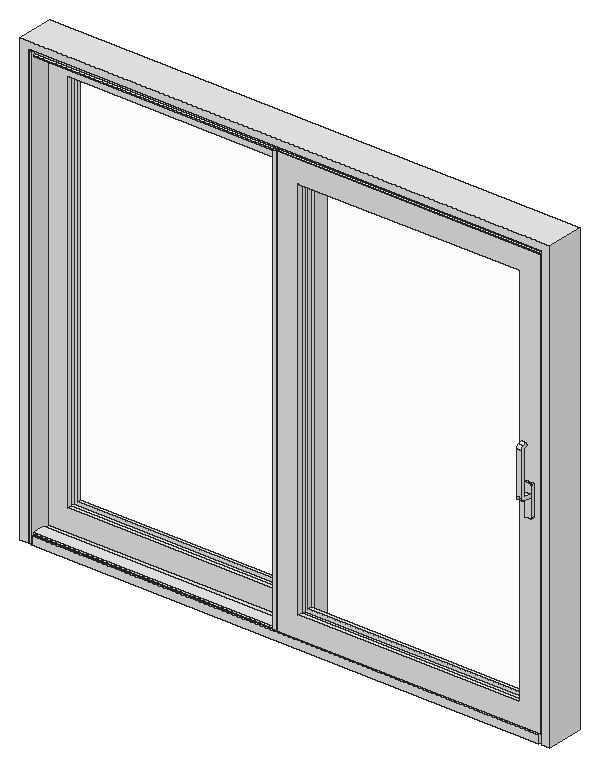
Revit family "heroal S 77 Sliding Door - 2-Parts - A", category Türen, Revit 2017
Family settings
  Basisbauteil = Wand
  OmniClass-Nummer = 23.30.10.00
  OmniClass-Titel = Doors
  Immer vertikal = Ja
  Beim Laden mit Abzugskörper schneiden = Nein
  Gemeinsam genutzt = Nein
  Raumberechnungspunkt = Ja
Parameters (values of type "2600x2200")
  Wind Load Resistance DIN EN 12210 = "C3/B3"
  Wall Thickness [instance] = 350 mm
  URL = "http://www.heroal.com"
  Tightness Against Driving Rain DIN EN 12208 = "9A"
  Soundproofing Class DIN EN ISO 717-1 = "1-3"
  Show Insulation in Detail Level Fine [instance] = yes
  Rough Width = Breite  # 2600 mm
  Rough Height = Height  # 2200 mm
  Reveal Top = 20 mm
  Reveal Right = 20 mm
  Reveal Left = 20 mm
  Profile View Width - Frame Profiles = "40 - 63mm"
  Profile View Width - Cross Bar Profiles = "74 - 104mm"
  Profile View Width - Casement Profiles = "94 - 104mm"
  Profile Installation Depth - Frame Profiles = "178/279mm"
  Profile Installation Depth - Cross Bar Profiles = "72mm"
  Profile Installation Depth - Casement Profiles = "77mm"
  Profile Area [instance] = (Breite - 20 mm) * (Height - 10 mm) - Glazing Area  # 1.58884 m²
  Modell = "heroal S 77"  # constant formula
  Max. Thickness Of Glass/Infill Panel = "52mm"
  Max. Casement Weight = "150 - 400kg"
  Max. Casement Leaf Height = "3000mm"
  Hersteller = "heroal"  # constant formula
  Leaf Width = Breite / 2  # 1300 mm
  Insert Depth [instance] = 125 mm
  Height = 2200 mm
  Wandabschluss = Nach Basisbauteil
  Breite = 2600 mm
  Heat Insulation [Uw in W/m2K] DIN EN ISO 10077-1 = "> 1,1 W/m²K"
  Heat Insulation [Uf in W/m2K]/Standard Profile View DIN EN ISO 10077 = "> 2,9 W/m²K"
  Heat Insulation [Uf in W/m2K] DIN EN ISO 10077 = "> 2,9 W/m²K"
  Glazing Area [instance] = (Breite - 442 mm) * (Height - 318 mm)  # 4.06136 m²
  Glass = heroal Glass
  Edition number = 1
  Door Interior [instance] = heroal Aluminium
  Door Exterior [instance] = heroal Aluminium
  Beschreibung = "heroal S 77 Sliding Systems"  # constant formula
  Copyright = "© heroal. Technical changes reserved."  # constant formula
  Clearance Width [instance] = Breite / 2 - 127 mm  # 1173 mm
  Clearance Height [instance] = Height - 125 mm  # 2075 mm
  Calculated U-Value (W/m²K) [instance] = ((Profile Area / 1.00 m² * 2.18 m²) + (Glazing Area / 1.00 m² * 0.70 m²) + (11.84 m² * 0.04)) / (Profile Area + Glazing Area)  # 1.2
  Burglary Resistance DIN V ENV 1627 = "up to RC 2"
  Baugruppenkennzeichen = "B2030110"
  Analytische Konstruktion = "<None>"
  Air Permeability DIN EN 12207 = "4"
Reference planes
  plane 1 "Center (Front/Back)": y = 0
  plane 2 "Center (Left/Right)": x = 0
  plane 3 "Left": x = -1300
  plane 4 "Right": x = 1300
  plane 5 "Sill": z = 0
  plane 6 "Head": z = 2200
  plane 7 "Exterior": y = 175
  plane 8 "Interior": y = -175
  plane 9: x = -1280
  plane 10: x = 1280
  plane 11 "Frame Exterior": y = 50
  plane 12: z = 2180
  plane 13 "Center (Elevation)": z = 1100
  plane 14 "Top Frame": z = 2190
  plane 15: z = -200
  plane 16: x = -1141
  plane 17 "Glass 1": x = -1159
  plane 18 "Glass 2": x = -44
  plane 19: x = -62
  plane 20: x = 62
  plane 21 "Glass 3": x = 44
  plane 22: x = 1141
  plane 23 "Glass 4": x = 1159
  plane 24 "Glass Back 1": y = 35.5
  plane 25 "Glass Front 1": y = -4.5
  plane 26 "Glass Back 2": y = -65.5
  plane 27 "Glass Front 2": y = -105.5
  plane 28 "Glass Bottom": z = 130
  plane 29 "Glass Top": z = 2048
  plane 30 "Door Right": y = -51
  plane 31: x = 1235
  plane 32: x = -1235
  plane 33: x = 601.5
  plane 34 "Handle": x = 1193.5
  plane 35 "Handlle Edge": y = -128
  plane 36: z = 1050
  plane 37: x = -601.5
  plane 38: x = -1290
  plane 39: x = 1290
Forms (mm)
  Extrusion 1, void
    sketch origin (0, 0, 0) x (1, 0, 0) y (0, 1, 0)
      loop
        line (-1300, -675) -> (1300, -675) -> (1300, 50) -> (-1300, 50) -> (-1300, -675)
    from -200 to 2200
  Extrusion 2, void
    sketch origin (0, 0, 0) x (1, 0, 0) y (0, 1, 0)
      loop
        line (-1280, 675) -> (-1280, 50) -> (1280, 50) -> (1280, 675) -> (-1280, 675)
    from 0 to 2180
  Sweep 3, solid, material "heroal Aluminium" <- "Door Interior"
    path origin (0, 50, 0) x (-1, 0, 0) y (0, 0, 1)
      loop
        line (-1300, 0) -> (-1300, 2190)
    profile "heroal_Profile_Frame : heroal_Profile_Frame" origin (1300, 50, 1095) x (1, 0, 0) y (0, 1, 0)
      loop
        line (-10, 0) -> (-50, 0) -> (-50, -178) -> (-10, -178) -> (-10, 0)
  Sweep 4, solid, material "heroal Aluminium"
    path origin (0, 0, 0) x (0, -1, 0) y (1, 0, 0)
      loop
        line (-50, -1235) -> (-50, 1235)
    profile "heroal_Profile_Bottom : heroal_Profile_Bottom" origin (0, 50, 0) x (0, 1, 0) y (0, 0, 1)
      loop
        line (0, 32.99) -> (-95, 38.8) -> (-109.002, 38.8) -> (-109.002, 44.004) -> (-111.912, 52) -> (-167.088, 52) -> (-169.955, 44.124) -> (-169.955, 39) -> (-178, 39) -> (-178, 0) -> (0, 0) -> (0, 32.99)
  Sweep 5, solid, material "heroal Aluminium" <- "Door Interior"
    path origin (0, 50, 0) x (-1, 0, 0) y (0, 0, 1)
      loop
        line (1300, 2150) -> (1300, 0)
    profile "heroal_Profile_Sided_Cover : heroal_Profile_Sided_Cover" origin (-1300, 50, 1075) x (-1, 0, 0) y (0, 1, 0)
      loop
        line (-65, -81) -> (-65, -178) -> (-50, -178) -> (-50, -81) -> (-65, -81)
  Sweep 6, solid, material "heroal Aluminium" <- "Door Interior"
    path origin (0, 50, 0) x (1, 0, 0) y (0, 0, 1)
      loop
        line (1300, 2150) -> (1300, 0)
    profile "heroal_Profile_Sided_Cover : heroal_Profile_Sided_Cover" origin (1300, 50, 1075) x (-1, 0, 0) y (0, 1, 0)
      loop
        line (65, 0) -> (50, 0) -> (50, -97) -> (65, -97) -> (65, 0)
  Sweep 7, solid, material "heroal Aluminium" <- "Door Exterior"
    path origin (0, 50, 0) x (-1, 0, 0) y (0, 0, 1)
      loop
        line (-1235, 2200) -> (-62, 2200)
    profile "heroal_Profile_Top_Cover : heroal_Profile_Top_Cover" origin (648.5, 50, 2200) x (0, 0, 1) y (0, 1, 0)
      loop
        line (-61, 0) -> (-109, 0) -> (-109, -95.1) -> (-50, -95.1) -> (-50, -15.3) -> (-61, -15.3) -> (-61, 0)
  Sweep 8, solid, material "heroal Aluminium" <- "Door Interior"
    path origin (0, 50, 0) x (1, 0, 0) y (0, 0, 1)
      loop
        line (-1300, 0) -> (-1300, 2190)
    profile "heroal_Profile_Frame : heroal_Profile_Frame" origin (-1300, 50, 1095) x (1, 0, 0) y (0, 1, 0)
      loop
        line (10, 0) -> (10, -178) -> (50, -178) -> (50, 0) -> (10, 0)
  Sweep 9, solid, material "heroal Aluminium" <- "Door Interior"
    path origin (0, 50, 0) x (-1, 0, 0) y (0, 0, 1)
      loop
        line (-1290, 2200) -> (1290, 2200)
    profile "heroal_Profile_Frame_Top : heroal_Profile_Frame_Top" origin (0, 50, 2200) x (0, 0, 1) y (0, 1, 0)
      loop
        line (-10, -178) -> (-10, 0) -> (-45, 0) -> (-45, -15.3) -> (-64.279, -15.3) -> (-68.168, -8.564) -> (-73, -7.712) -> (-73, -54) -> (-43.2, -54) -> (-43.2, -52.5) -> (-42, -52.5) -> (-37, -55.387) -> (-37, -122.613) -> (-42, -125.5) -> (-43.2, -125.5) -> (-43.2, -123.999) -> (-73, -124) -> (-73, -170.288) -> (-68.168, -169.436) -> (-64.279, -162.7) -> (-45, -162.7) -> (-45, -178) -> (-10, -178)
Cuts and joins
  joined: Sweep 3, Sweep 8, Sweep 9
Lines and regions (mm)
  Masking region 1
    outline origin (0, 0, 0) x (0, -1, 0) y (1, 0, 0)
      loop
        line (-35.5, -1159) -> (4.5, -1159) -> (4.5, -44) -> (-35.5, -44) -> (-35.5, -1159)
      loop
        line (65.5, 44) -> (105.5, 44) -> (105.5, 1159) -> (65.5, 1159) -> (65.5, 44)
  Masking region 2
    outline origin (0, 0, 0) x (0, -1, 0) y (1, 0, 0)
      loop
        line (-50, 62) -> (51, 62) -> (51, 1235) -> (-50, 1235) -> (-50, 62)
      loop
        line (27, -1235) -> (128, -1235) -> (128, -62) -> (27, -62) -> (27, -1235)
  symbolic lines, detail levels medium+fine
    curve 1: line (44, -85.5, 0) -> (1159, -85.5, 0)
    curve 2: line (-44, 15.5, 0) -> (-1159, 15.5, 0)
  symbolic lines
    curve 3: line (60, -128, 0) -> (1143, -128, 0)
    curve 4: line (-62, 50, 0) -> (-1141, 50, 0)
Text (mm)
  text "EXTERIOR" at (-1963.203, 1332.353, 0), in view "Ref. Level"
  text "INTERIOR" at (-1981.466, -818.386, 0), in view "Ref. Level"
  text "Exterior" at (0, 923.751, 2943.296), in view "Right"
  text "Exterior" at (0, 1040.484, 2685.409), in view "Left"
Dimensions and locks
  equal spacing: plane 3 "Left", plane 2 "Center (Left/Right)", plane 4 "Right"
  "Breite": plane 3 "Left" to plane 4 "Right"
  "Height": plane 5 "Sill" to plane 6 "Head"
  locked: plane 7 "Exterior" to host wall at 0
  locked: plane 8 "Interior" to host wall
  "Insert Depth": plane 11 "Frame Exterior" to plane 7 "Exterior"
  "Reveal Top": plane 12 to plane 6 "Head"
  Extrusion 1 sketch curve to plane 8 "Interior" = 500 mm
  locked: plane 7 "Exterior" to Extrusion 2 sketch curve at 500
  "Reveal Left": plane 3 "Left" to plane 9
  "Reveal Right": plane 10 to plane 4 "Right"
  locked: plane 14 "Top Frame" to plane 6 "Head" at 10
  equal spacing: plane 5 "Sill", plane 13 "Center (Elevation)", plane 6 "Head"
  "Wall Thickness": host wall to host wall
  plane 15 to plane 5 "Sill" = 200 mm
  plane 22 to plane 23 "Glass 4" to plane 4 "Right" = 18 mm locked, 141 mm locked
  plane 19 to plane 18 "Glass 2" to plane 2 "Center (Left/Right)" to plane 21 "Glass 3" to plane 20 = 18 mm locked, 44 mm locked, 44 mm locked, 18 mm locked
  plane 3 "Left" to plane 17 "Glass 1" to plane 16 = 141 mm locked, 18 mm locked
  plane 11 "Frame Exterior" to plane 24 "Glass Back 1" to plane 25 "Glass Front 1" to plane 26 "Glass Back 2" to plane 27 "Glass Front 2" to plane 35 "Handlle Edge" = 14.5 mm locked, 40 mm locked, 61 mm locked, 40 mm locked, 22.5 mm locked
  locked: plane 24 "Glass Back 1" to curve 2 at 20
  plane 30 "Door Right" to plane 26 "Glass Back 2" to curve 1 = 14.5 mm locked, 20 mm locked
  locked: plane 29 "Glass Top" to plane 6 "Head" at 152
  locked: plane 3 "Left" to plane 32 at 65
  locked: plane 31 to plane 4 "Right" at 65
  plane 29 "Glass Top" to plane 28 "Glass Bottom" = 1918 mm
  locked: nested 5 to plane 35 "Handlle Edge" at 100
  plane 5 "Sill" to plane 28 "Glass Bottom" = 130 mm
  locked: plane 34 "Handle" to plane 4 "Right" at 106.5
  locked: plane 36 to plane 5 "Sill" at 1050
  equal spacing: plane 17 "Glass 1", plane 37, plane 18 "Glass 2"
  equal spacing: plane 21 "Glass 3", plane 33, plane 23 "Glass 4"
  locked: plane 3 "Left" to plane 38 at 10
  locked: plane 39 to plane 4 "Right" at 10
  aligned and locked: Extrusion 1 sketch curve to plane 3 "Left"
  aligned and locked: plane 4 "Right" to Extrusion 1 sketch curve
  aligned and locked: Extrusion 1 sketch curve to plane 11 "Frame Exterior"
  aligned: Extrusion 1 to plane 12
  aligned and locked: plane 11 "Frame Exterior" to Extrusion 2 sketch curve
  aligned and locked: plane 9 to Extrusion 2 sketch curve
  aligned and locked: Extrusion 2 sketch curve to plane 10
  aligned and locked: Extrusion 2 to plane 12
  aligned and locked: plane 5 "Sill" to Extrusion 2
  aligned and locked: Extrusion 1 to plane 6 "Head"
  aligned and locked: nested 1 to plane 11 "Frame Exterior"
  aligned and locked: nested 1 to plane 3 "Left"
  aligned and locked: plane 4 "Right" to Sweep 3 sketch curve
  aligned and locked: plane 4 "Right" to nested 2
  aligned and locked: plane 11 "Frame Exterior" to nested 2
  aligned and locked: plane 11 "Frame Exterior" to nested 3
  aligned and locked: plane 2 "Center (Left/Right)" to nested 3
  aligned and locked: Masking region 1 sketch curve to plane 24 "Glass Back 1"
  aligned and locked: Masking region 1 sketch curve to plane 25 "Glass Front 1"
  aligned and locked: plane 27 "Glass Front 2" to Masking region 1 sketch curve
  aligned and locked: Masking region 1 sketch curve to plane 26 "Glass Back 2"
  aligned and locked: plane 11 "Frame Exterior" to Sweep 4 sketch curve
  aligned and locked: plane 32 to Sweep 4 sketch curve
  aligned and locked: plane 31 to Sweep 4 sketch curve
  aligned and locked: nested 4 to plane 33
  aligned and locked: plane 13 "Center (Elevation)" to nested 4
  aligned and locked: nested 5 to plane 33
  aligned and locked: plane 5 "Sill" to Sweep 5 sketch curve
  aligned and locked: plane 3 "Left" to Sweep 5 sketch curve
  aligned and locked: plane 20 to Masking region 2 sketch curve
  aligned and locked: Masking region 2 sketch curve to plane 31
  aligned and locked: plane 30 "Door Right" to Masking region 2 sketch curve
  aligned and locked: Masking region 2 sketch curve to plane 11 "Frame Exterior"
  aligned and locked: plane 32 to Masking region 2 sketch curve
  aligned and locked: Masking region 2 sketch curve to plane 19
  aligned and locked: plane 31 to Sweep 7 sketch curve
  aligned and locked: plane 6 "Head" to Sweep 7 sketch curve
  aligned and locked: plane 34 "Handle" to nested 6
  aligned and locked: nested 6 to plane 35 "Handlle Edge"
  aligned and locked: plane 36 to nested 6
  aligned and locked: plane 5 "Sill" to Sweep 3 sketch curve
  aligned and locked: plane 5 "Sill" to Sweep 8 sketch curve
  aligned and locked: plane 14 "Top Frame" to Sweep 8 sketch curve
  aligned and locked: plane 14 "Top Frame" to Sweep 3 sketch curve
  aligned and locked: plane 38 to Sweep 9 sketch curve
  aligned and locked: plane 39 to Sweep 9 sketch curve
  aligned and locked: plane 6 "Head" to Sweep 9 sketch curve
  aligned and locked: plane 33 to nested 7
  aligned and locked: nested 7 to plane 30 "Door Right"
  aligned and locked: plane 37 to nested 8
  aligned and locked: plane 11 "Frame Exterior" to nested 8
  aligned and locked: nested 9 to plane 11 "Frame Exterior"
  aligned and locked: plane 6 "Head" to nested 9
  aligned and locked: Sweep 7 sketch curve to nested 8
  aligned and locked: plane 13 "Center (Elevation)" to nested 10
  aligned and locked: nested 10 to plane 37
Automatic sketch dimensions
  Masking region 1 sketch curve to plane 17 "Glass 1" = 0 mm
  Masking region 1 sketch curve to plane 18 "Glass 2" = 0 mm
  Masking region 1 sketch curve to plane 23 "Glass 4" = 0 mm
  Masking region 1 sketch curve to plane 21 "Glass 3" = 0 mm
  Sweep 5 sketch curve to plane 12 = 30 mm
  Sweep 6 sketch curve to level = 0 mm
  plane 4 "Right" to Sweep 6 sketch curve = 0 mm
  plane 12 to Sweep 6 sketch curve = 30 mm
  plane 3 "Left" to Sweep 8 sketch curve = 0 mm
  curve 4 to plane 16 = 0 mm
  curve 2 to plane 17 "Glass 1" = 0 mm
  curve 4 to plane 19 = 0 mm
  curve 2 to plane 18 "Glass 2" = 0 mm
  curve 1 to plane 23 "Glass 4" = 0 mm
  plane 11 "Frame Exterior" to curve 4 = 0 mm
  curve 1 to plane 21 "Glass 3" = 0 mm
  curve 3 to plane 20 = 2 mm
  curve 3 to plane 22 = 2 mm
  plane 35 "Handlle Edge" to curve 3 = 0 mm
  plane 35 "Handlle Edge" to Masking region 2 sketch curve = 0 mm
  curve 4 to plane 11 "Frame Exterior" = 0 mm
  plane 25 "Glass Front 1" to Masking region 2 sketch curve = 22.5 mm
Nested families
  nested 1: "heroal_Detail_Frame_Left" at (-1300, 50, 0), type "heroal_Detail_Frame_Left"
  nested 2: "heroal_Detail_Frame_Right" at (1300, 50, 0) x (1, 0, 0) z (0, 0, -1), type "heroal_Detail_Frame_Right"
  nested 3: "heroal_Detail_Frame_Center" at (0, 50, 0) x (1, 0, 0) z (0, 0, -1), type "heroal_Detail_Frame_Center"
  nested 4: "heroal_Detail_Arrow" at (601.5, 50, 1100) x (1, 0, 0) z (0, 1, 0), type "heroal_Detail_Arrow"
    with Fixed no, Arrow yes
  nested 5: "heroal_Detail_Arrow" at (601.5, -228, 0) x (1, 0, 0) z (0, 0, -1), type "heroal_Detail_Arrow"
    with Fixed no, Arrow yes
  nested 6: "heroal_Handle" at (1193.5, -128, 1050), type "heroal_Handle"
  nested 7: "Leaf" at (553, -128, 0), Breite <- "Leaf Width", Height <- "Height", Door Exterior <- "Door Exterior", Door Interior <- "Door Interior", Glass <- "Glass", Show Insulation <- "Show Insulation in Detail Level Fine", type "Leaf"
    with Breite 1300 mm, Show Insulation yes, Interior yes, Height 2200 mm, Glass heroal Glass, Fixed Glazing no, Exterior no, Door Interior heroal Aluminium, Door Exterior heroal Aluminium, Door yes
  nested 8: "Leaf" at (-553, -27, 0) x (-1, 0, 0) z (0, 0, 1), Breite <- "Leaf Width", Height <- "Height", Door Exterior <- "Door Exterior", Door Interior <- "Door Interior", Glass <- "Glass", Show Insulation <- "Show Insulation in Detail Level Fine", type "Leaf"
    with Breite 1300 mm, Show Insulation yes, Interior no, Height 2200 mm, Glass heroal Glass, Fixed Glazing yes, Exterior yes, Door Interior heroal Aluminium, Door Exterior heroal Aluminium, Door no
  nested 9: "heroal_Detail_Frame_Top" at (0, 50, 2200) x (0, -1, 0) z (-1, 0, 0), type "heroal_Detail_Frame_Top"
  nested 10: "heroal_Detail_Arrow" at (-601.5, 50, 1100) x (1, 0, 0) z (0, 1, 0), type "heroal_Detail_Arrow"
    with Fixed yes, Arrow no
Definition of nested family "heroal_Handle"
  Parameters (values of type "heroal_Handle")
    Assembly Code = ""
  Reference planes
    plane 1 "Center (Front/Back)": y = 0
    plane 2: z = 0
    plane 3 "Center (Left/Right)": x = 0
    plane 4 "Back": y = 77
  Forms (mm)
    Sweep 1, solid
      path origin (0, 0, 0) x (0, 1, 0) y (0, 0, -1)
        loop
          line (-6.292, -24.205) -> (-52.748, -28.27)
          arc (-52.748, -28.27) -> (-59.25, -31.476) -> (-61.877, -38.232) r 10
          line (-61.877, -38.232) -> (-61.877, -245.611)
          arc (-61.877, -245.611) -> (-59.81, -251.699) -> (-54.465, -255.271) r 10
          line (-54.465, -255.271) -> (-37.933, -259.7)
      profile origin (0, -46.199, 257.486) x (0, 0.258819, -0.965926) y (-1, 0, 0)
        loop
          line (7.5, -11.552) -> (7.5, 11.552) -> (-7.5, 11.552) -> (-7.5, -11.552) -> (7.5, -11.552)
    Extrusion 2, solid
      sketch origin (-132.182, 0, 0) x (1, 0, 0) y (0, 0, 1)
        loop
          arc (143.932, -76) -> (147.467, -74.536) -> (148.932, -71) r 5
          line (148.932, -71) -> (148.932, 71)
          arc (148.932, 71) -> (147.467, 74.536) -> (143.932, 76) r 5
          line (143.932, 76) -> (120.432, 76)
          arc (120.432, 76) -> (116.896, 74.536) -> (115.432, 71) r 5
          line (115.432, 71) -> (115.432, -71)
          arc (115.432, -71) -> (116.896, -74.536) -> (120.432, -76) r 5
          line (120.432, -76) -> (143.932, -76)
      from 0 to 14
    Extrusion 3, solid, detail levels medium+fine
      sketch origin (0, 77, 24.491) x (-1, 0, 0) y (0, 0, 1)
        loop
          arc (21, 50) -> (19.536, 53.536) -> (16, 55) r 5
          line (16, 55) -> (-16, 55)
          arc (-16, 55) -> (-19.536, 53.536) -> (-21, 50) r 5
          line (-21, 50) -> (-21, -98.983)
          arc (-21, -98.983) -> (-19.536, -102.518) -> (-16, -103.983) r 5
          line (-16, -103.983) -> (16, -103.983)
          arc (16, -103.983) -> (19.536, -102.518) -> (21, -98.983) r 5
          line (21, -98.983) -> (21, 50)
        loop
          line (-6.5, -37.457) -> (6.5, -37.457)
          arc (6.5, -37.457) -> (11.066, -35.566) -> (12.957, -31) r 6.457
          line (12.957, -31) -> (12.957, 31)
          arc (12.957, 31) -> (11.066, 35.566) -> (6.5, 37.457) r 6.457
          line (6.5, 37.457) -> (-6.5, 37.457)
          arc (-6.5, 37.457) -> (-11.066, 35.566) -> (-12.957, 31) r 6.457
          line (-12.957, 31) -> (-12.957, -31)
          arc (-12.957, -31) -> (-11.066, -35.566) -> (-6.5, -37.457) r 6.457
      from 0 to 3
    Extrusion 4, solid, detail levels medium+fine
      sketch origin (0, 77, 24.491) x (-1, 0, 0) y (0, 0, 1)
        loop
          line (-6.5, -37.457) -> (6.5, -37.457)
          arc (6.5, -37.457) -> (11.066, -35.566) -> (12.957, -31) r 6.457
          line (12.957, -31) -> (12.957, 31)
          arc (12.957, 31) -> (11.066, 35.566) -> (6.5, 37.457) r 6.457
          line (6.5, 37.457) -> (-6.5, 37.457)
          arc (-6.5, 37.457) -> (-11.066, 35.566) -> (-12.957, 31) r 6.457
          line (-12.957, 31) -> (-12.957, -31)
          arc (-12.957, -31) -> (-11.066, -35.566) -> (-6.5, -37.457) r 6.457
      from 0 to 1.5
  Cuts and joins
    joined: Sweep 1, Extrusion 2
  Lines and regions (mm)
    Masking region 1, detail levels medium+fine
      outline origin (-0.75, 0, 0) x (1, 0, 0) y (0, 1, 0)
        loop
          line (17.5, 0) -> (-16, 0) -> (-16, -14) -> (17.5, -14) -> (17.5, 0)
    Masking region 2, detail levels medium+fine
      outline origin (4.448, -14, 0) x (1, 0, 0) y (0, 1, 0)
        loop
          line (7.105, 0) -> (-16, 0) -> (-16, -50.352)
          arc (-16, -50.352) -> (-14.536, -53.887) -> (-11, -55.352) r 5
          line (-11, -55.352) -> (2.105, -55.352)
          arc (2.105, -55.352) -> (5.64, -53.887) -> (7.105, -50.352) r 5
          line (7.105, -50.352) -> (7.105, 0)
    symbolic lines, detail levels medium+fine
      curve 1: line (11.552, -39.875, 0) -> (-11.552, -39.875, 0)
      curve 2: line (11.552, -35.992, 0) -> (-11.552, -35.992, 0)
  Dimensions and locks
    aligned and locked: level to plane 2
Definition of nested family "Leaf"
  Parameters (values of type "Leaf")
    Width [instance] = 1500 mm
    Show Insulation [instance] = no
    Interior [instance] = yes
    Height [instance] = 2200 mm
    Glass [instance] = none
    Fixed Glazing [instance] = not(Door)  # yes
    Exterior [instance] = yes
    Door Interior [instance] = none
    Door Exterior [instance] = none
    Door [instance] = no
    Assembly Code = ""
    Analytic Construction = "<None>"
  Reference planes
    plane 1 "Back": y = 0
    plane 2 "Bottom": z = 0
    plane 3 "Center (Left/Right)": x = 0
    plane 4 "Left": x = -750
    plane 5 "Right": x = 750
    plane 6: z = 2200
    plane 7: z = 130
    plane 8: z = 2048
    plane 9: x = -609
    plane 10: x = 706
    plane 11: x = 48.5
    plane 12: z = -22
    plane 13: z = 44
    plane 14: z = 2134
    plane 15: y = -77
  Forms (mm)
    Sweep 1, solid, material <- "Door Interior"
      path origin (0, 0, 0) x (1, 0, 0) y (0, 0, 1)
        loop
          line (-609, 2048) -> (-609, 130) -> (706, 130) -> (706, 2048) -> (-609, 2048)
      profile "heroal_Profile_Leaf : heroal_Profile_Leaf" origin (-609, 0, 1089) x (1, 0, 0) y (0, -1, 0)
        loop
          line (-86, 77) -> (-86, 72.5) -> (-58, 72.5) -> (-58, 4.5) -> (-86, 4.5) -> (-86, 0) -> (18, 0) -> (18, 22.5) -> (0, 22.5) -> (0, 62.5) -> (18, 62.5) -> (18, 77) -> (-86, 77)
    Extrusion 2, solid, material <- "Glass"
      sketch origin (0, 0, 0) x (1, 0, 0) y (0, 0, 1)
        loop
          line (-609, 2048) -> (-609, 130) -> (706, 130) -> (706, 2048) -> (-609, 2048)
      from 22.5 to 62.5
    Extrusion 3, solid, material <- "Door Exterior", visible <- "Exterior"
      sketch origin (97, 0, 0) x (-1, 0, 0) y (0, -1, 0)
        loop
          line (792, 0) -> (812, 0) -> (812, 77) -> (792, 77) -> (792, 0)
      from 44 to 2134
    Extrusion 4, solid, material <- "Door Interior", visible <- "Interior"
      sketch origin (97, 0, 0) x (-1, 0, 0) y (0, -1, 0)
        loop
          line (792, 0) -> (812, 0) -> (812, 77) -> (792, 77) -> (792, 0)
      from 44 to 2134
  Lines and regions (mm)
    symbolic lines, detail levels medium+fine
      curve 1: line (0, -42.5, 2048) -> (0, -42.5, 130)
  Dimensions and locks
    equal spacing: plane 4 "Left", plane 3 "Center (Left/Right)", plane 5 "Right"
    "Width": plane 4 "Left" to plane 5 "Right"
    "Height": plane 6 to plane 2 "Bottom"
    locked: plane 7 to plane 2 "Bottom" at 130
    locked: plane 6 to plane 8 at 152
    locked: plane 4 "Left" to plane 9 at 141
    locked: plane 10 to plane 5 "Right" at 44
    locked: plane 3 "Center (Left/Right)" to plane 11 at 48.5
    locked: plane 2 "Bottom" to plane 12 at 22
    locked: plane 13 to plane 12 at 66
    locked: plane 6 to plane 14 at 66
    locked: plane 1 "Back" to plane 15 at 77
    aligned and locked: level to plane 2 "Bottom"
    aligned and locked: Sweep 1 sketch curve to plane 9
    aligned and locked: Sweep 1 sketch curve to plane 8
    aligned and locked: Sweep 1 sketch curve to plane 10
    aligned and locked: Sweep 1 sketch curve to plane 7
    aligned and locked: Extrusion 2 sketch curve to plane 8
    aligned and locked: plane 9 to Extrusion 2 sketch curve
    aligned and locked: plane 7 to Extrusion 2 sketch curve
    aligned and locked: nested 1 to plane 6
    aligned and locked: nested 1 to plane 1 "Back"
    aligned and locked: nested 2 to plane 6
    aligned and locked: nested 2 to plane 1 "Back"
    aligned and locked: plane 13 to Extrusion 3
    aligned and locked: Extrusion 3 to plane 14
    aligned and locked: nested 3 to plane 2 "Bottom"
    aligned and locked: plane 1 "Back" to nested 3
    aligned and locked: plane 15 to nested 4
    aligned and locked: plane 13 to Extrusion 4
    aligned and locked: Extrusion 4 to plane 14
  Automatic sketch dimensions
    curve 1 to plane 7 = 0 mm
    curve 1 to plane 8 = 0 mm
    curve 1 to plane 15 = 34.5 mm
    Extrusion 2 sketch curve to plane 10 = 0 mm
    plane 15 to Extrusion 3 sketch curve = 0 mm
    Extrusion 3 sketch curve to plane 4 "Left" = 55 mm
    Extrusion 3 sketch curve to Extrusion 3 sketch curve = 20 mm
    Extrusion 3 sketch curve to plane 1 "Back" = 0 mm
    plane 15 to Extrusion 4 sketch curve = 0 mm
    Extrusion 4 sketch curve to plane 4 "Left" = 55 mm
    Extrusion 4 sketch curve to plane 4 "Left" = 35 mm
    Extrusion 4 sketch curve to plane 1 "Back" = 0 mm
  Nested families
    nested 1: "heroal_Detail_Frame_Top" at (0, -178, 2200) x (0, 1, 0) z (1, 0, 0), visible <- "Door", type "heroal_Detail_Frame_Top"
    nested 2: "heroal_Detail_Frame_Top_Fixed" at (0, -178, 2200) x (0, 1, 0) z (1, 0, 0), visible <- "Fixed Glazing", type "heroal_Detail_Frame_Top_Fixed"
    nested 3: "heroal_Detail_Frame_Bottom" at (0, -178, 0) x (0, 1, 0) z (1, 0, 0), visible <- "Door", type "heroal_Detail_Frame_Bottom"
    nested 4: "heroal_Detail_Frame_Bottom_Fixed" at (0, 101, 0) x (0, -1, 0) z (1, 0, 0), visible <- "Fixed Glazing", type "heroal_Detail_Frame_Bottom_Fixed"
  Definition of nested family "heroal_Detail_Frame_Top"
    Parameters (values of type "heroal_Detail_Frame_Top")
      Show Insulation = no
      Assembly Code = ""
    Reference planes
      plane 1 "Center (Front/Back)": y = 0
      plane 2: z = 0
      plane 3 "Center (Left/Right)": x = 0
      plane 4: x = 178
    Lines and regions (mm)
      Filled region 1, type "heroal_Insulation", in view "Ref. Level", visible <- "Show Insulation", detail levels fine
        outline origin (781.247, -167.37, 0) x (1, 0, 0) y (0, 1, 0)
          loop
            line (-652.878, 30.672) -> (-642.462, 30.672) -> (-642.444, 32.314) -> (-641.261, 34.363) -> (-639.247, 35.609) -> (-639.247, 43.97) -> (-647.547, 43.969) -> (-647.547, 63.87) -> (-649.261, 65.115) -> (-650.447, 67.438) -> (-650.461, 68.77) -> (-652.878, 68.77) -> (-654.322, 67.07) -> (-656.054, 66.07) -> (-660.44, 66.07) -> (-662.172, 67.07) -> (-663.616, 68.77) -> (-666.033, 68.77) -> (-666.047, 67.438) -> (-667.233, 65.115) -> (-669.247, 63.87) -> (-669.247, 35.569) -> (-667.233, 34.324) -> (-666.05, 32.274) -> (-666.033, 30.672) -> (-663.616, 30.672) -> (-662.923, 31.072) -> (-662.172, 32.372) -> (-661.44, 33.104) -> (-660.44, 33.372) -> (-656.054, 33.372) -> (-655.054, 33.104) -> (-654.322, 32.372) -> (-653.571, 31.072) -> (-652.878, 30.672)
          loop
            line (-678.247, 73.37) -> (-605.247, 73.37) -> (-605.247, 77.17) -> (-608.947, 77.17) -> (-608.947, 84.37) -> (-674.547, 84.37) -> (-674.547, 77.17) -> (-678.247, 77.17) -> (-678.247, 73.37)
  Definition of nested family "heroal_Detail_Frame_Top_Fixed"
    Parameters (values of type "heroal_Detail_Frame_Top_Fixed")
      Show Insulation = no
      Assembly Code = ""
    Reference planes
      plane 1 "Center (Front/Back)": y = 0
      plane 2: z = 0
      plane 3 "Center (Left/Right)": x = 0
      plane 4: x = 178
    Lines and regions (mm)
      Filled region 1, type "heroal_Insulation", in view "Ref. Level", visible <- "Show Insulation", detail levels fine
        outline origin (781.247, -167.37, 0) x (1, 0, 0) y (0, 1, 0)
          loop
            line (-652.878, 30.672) -> (-642.462, 30.672) -> (-642.444, 32.314) -> (-641.261, 34.363) -> (-639.247, 35.609) -> (-639.247, 43.97) -> (-647.547, 43.969) -> (-647.547, 63.87) -> (-649.261, 65.115) -> (-650.447, 67.438) -> (-650.461, 68.77) -> (-652.878, 68.77) -> (-654.322, 67.07) -> (-656.054, 66.07) -> (-660.44, 66.07) -> (-662.172, 67.07) -> (-663.616, 68.77) -> (-666.033, 68.77) -> (-666.047, 67.438) -> (-667.233, 65.115) -> (-669.247, 63.87) -> (-669.247, 35.569) -> (-667.233, 34.324) -> (-666.05, 32.274) -> (-666.033, 30.672) -> (-663.616, 30.672) -> (-662.923, 31.072) -> (-662.172, 32.372) -> (-661.44, 33.104) -> (-660.44, 33.372) -> (-656.054, 33.372) -> (-655.054, 33.104) -> (-654.322, 32.372) -> (-653.571, 31.072) -> (-652.878, 30.672)
          loop
            line (-678.247, 73.37) -> (-605.247, 73.37) -> (-605.247, 77.17) -> (-608.947, 77.17) -> (-608.947, 84.37) -> (-674.547, 84.37) -> (-674.547, 77.17) -> (-678.247, 77.17) -> (-678.247, 73.37)
  Definition of nested family "heroal_Detail_Frame_Bottom"
    Parameters (values of type "heroal_Detail_Frame_Bottom")
      Show Insulation = no
      Assembly Code = ""
    Reference planes
      plane 1 "Center (Front/Back)": y = 0
      plane 2: z = 0
      plane 3 "Center (Left/Right)": x = 0
      plane 4: x = 178
    Lines and regions (mm)
      Filled region 1, type "heroal_Insulation", in view "Ref. Level", visible <- "Show Insulation", detail levels fine
        outline origin (781.247, -177.37, 0) x (1, 0, 0) y (0, 1, 0)
          loop
            line (-680.453, 179.47) -> (-677.765, 182.171) -> (-676.931, 182.171) -> (-676.95, 183.765) -> (-675.751, 185.824) -> (-673.737, 187.068) -> (-673.747, 188.17) -> (-675.751, 189.414) -> (-676.95, 191.473) -> (-676.931, 193.067) -> (-677.765, 193.067) -> (-680.453, 195.768) -> (-704.042, 195.767) -> (-706.729, 193.067) -> (-707.563, 193.067) -> (-707.544, 191.473) -> (-708.743, 189.414) -> (-710.747, 188.17) -> (-710.757, 187.068) -> (-708.748, 185.832) -> (-707.544, 183.765) -> (-707.563, 182.171) -> (-706.729, 182.171) -> (-704.042, 179.471) -> (-680.453, 179.47)
          loop
            line (-648.247, 230.37) -> (-648.247, 249.37) -> (-678.247, 249.37) -> (-678.247, 245.17) -> (-675.747, 245.17) -> (-675.747, 233.57) -> (-670.247, 233.57) -> (-667.047, 230.37) -> (-648.247, 230.37)
          loop
            line (-650.447, 255.302) -> (-649.261, 257.624) -> (-647.547, 258.869) -> (-647.547, 278.77) -> (-639.247, 278.769) -> (-639.247, 287.13) -> (-641.261, 288.376) -> (-642.444, 290.425) -> (-642.462, 292.067) -> (-652.878, 292.067) -> (-653.571, 291.667) -> (-654.322, 290.367) -> (-655.054, 289.635) -> (-656.054, 289.367) -> (-660.44, 289.367) -> (-661.44, 289.635) -> (-662.172, 290.367) -> (-662.923, 291.667) -> (-663.616, 292.067) -> (-666.033, 292.067) -> (-666.05, 290.465) -> (-667.233, 288.415) -> (-669.247, 287.17) -> (-669.247, 258.869) -> (-667.233, 257.624) -> (-666.047, 255.302) -> (-666.033, 253.969) -> (-663.616, 253.969) -> (-662.172, 255.67) -> (-660.44, 256.67) -> (-656.054, 256.669) -> (-654.322, 255.67) -> (-652.878, 253.969) -> (-650.461, 253.969) -> (-650.447, 255.302)
      Masking region 1, in view "Ref. Level", detail levels coarse+medium
        outline origin (0, -10, 0) x (1, 0, 0) y (0, 1, 0)
          loop
            line (111.912, 62) -> (109.002, 54.004) -> (109.002, 48.8) -> (94.6, 48.8) -> (94.6, 62) -> (0, 62) -> (0, 10) -> (178, 10) -> (178, 49) -> (169.955, 49) -> (169.955, 54.124) -> (167.088, 62) -> (111.912, 62)
      Masking region 2, in view "Ref. Level", detail levels coarse+medium
        outline origin (0, -22, 0) x (0, -1, 0) y (1, 0, 0)
          loop
            line (-152, 115.5) -> (-170, 115.5) -> (-170, 101) -> (-66, 101) -> (-66, 105.5) -> (-94, 105.5) -> (-94, 173.5) -> (-66, 173.5) -> (-66, 178) -> (-170, 178) -> (-170, 155.5) -> (-152, 155.5) -> (-152, 115.5)
  Definition of nested family "heroal_Detail_Frame_Bottom_Fixed"
    Parameters (values of type "heroal_Detail_Frame_Bottom_Fixed")
      Show Insulation = no
      Assembly Code = ""
    Reference planes
      plane 1 "Center (Front/Back)": y = 0
      plane 2: z = 0
      plane 3 "Center (Left/Right)": x = 0
      plane 4: x = 178
    Lines and regions (mm)
      Filled region 1, type "heroal_Insulation", in view "Ref. Level", visible <- "Show Insulation", detail levels fine
        outline origin (781.247, -177.37, 0) x (1, 0, 0) y (0, 1, 0)
          loop
            line (-680.453, 179.47) -> (-677.765, 182.171) -> (-676.931, 182.171) -> (-676.95, 183.765) -> (-675.751, 185.824) -> (-673.737, 187.068) -> (-673.747, 188.17) -> (-675.751, 189.414) -> (-676.95, 191.473) -> (-676.931, 193.067) -> (-677.765, 193.067) -> (-680.453, 195.768) -> (-704.042, 195.767) -> (-706.729, 193.067) -> (-707.563, 193.067) -> (-707.544, 191.473) -> (-708.743, 189.414) -> (-710.747, 188.17) -> (-710.757, 187.068) -> (-708.748, 185.832) -> (-707.544, 183.765) -> (-707.563, 182.171) -> (-706.729, 182.171) -> (-704.042, 179.471) -> (-680.453, 179.47)
          loop
            line (-605.247, 249.37) -> (-678.247, 249.37) -> (-678.247, 245.17) -> (-675.747, 245.17) -> (-675.747, 232.57) -> (-670.247, 232.57) -> (-667.047, 229.37) -> (-616.447, 229.37) -> (-613.247, 232.57) -> (-607.747, 232.57) -> (-607.747, 244.17) -> (-605.247, 244.17) -> (-605.247, 249.37)
          loop
            line (-633.047, 255.302) -> (-633.033, 253.969) -> (-630.616, 253.969) -> (-629.172, 255.67) -> (-627.44, 256.669) -> (-623.054, 256.67) -> (-621.322, 255.67) -> (-619.878, 253.969) -> (-617.461, 253.969) -> (-617.447, 255.302) -> (-616.261, 257.624) -> (-614.247, 258.869) -> (-614.247, 287.17) -> (-616.261, 288.415) -> (-617.444, 290.465) -> (-617.461, 292.067) -> (-619.878, 292.067) -> (-620.571, 291.667) -> (-621.322, 290.367) -> (-622.054, 289.635) -> (-623.054, 289.367) -> (-627.44, 289.367) -> (-628.44, 289.635) -> (-629.172, 290.367) -> (-629.923, 291.667) -> (-630.615, 292.067) -> (-641.032, 292.067) -> (-641.05, 290.425) -> (-642.233, 288.376) -> (-644.247, 287.13) -> (-644.247, 278.769) -> (-635.947, 278.77) -> (-635.947, 258.869) -> (-634.233, 257.624) -> (-633.047, 255.302)
      Masking region 1, in view "Ref. Level", detail levels coarse+medium
        outline origin (0, -10, 0) x (1, 0, 0) y (0, 1, 0)
          loop
            line (111.912, 62) -> (109.002, 54.004) -> (109.002, 44.491) -> (76.926, 48.999) -> (69, 48.8) -> (68.955, 54.123) -> (66.088, 62) -> (10.912, 62) -> (8.045, 54.124) -> (8.045, 49) -> (0, 49) -> (0, 10) -> (178, 10) -> (178, 49) -> (169.955, 49) -> (169.955, 54.124) -> (167.088, 62) -> (111.912, 62)
      Masking region 2, in view "Ref. Level", detail levels coarse+medium
        outline origin (0, -22, 0) x (0, -1, 0) y (1, 0, 0)
          loop
            line (-152, 115.5) -> (-170, 115.5) -> (-170, 101) -> (-66, 101) -> (-66, 105.5) -> (-94, 105.5) -> (-94, 173.5) -> (-66, 173.5) -> (-66, 178) -> (-170, 178) -> (-170, 155.5) -> (-152, 155.5) -> (-152, 115.5)
      detail lines, in view "Ref. Level", detail levels fine
        curve 1: line (130.3, 20, 0) -> (130.3, 5, 0)
Definition of nested family "heroal_Detail_Frame_Left"
  Parameters (values of type "heroal_Detail_Frame_Left")
    Show Insulation = yes
    Assembly Code = ""
  Reference planes
    plane 1 "Center (Front/Back)": y = 0
    plane 2: z = 0
    plane 3 "Center (Left/Right)": x = 0
    plane 4: y = -178
  Lines and regions (mm)
    Filled region 1, type "heroal_Insulation", in view "Ref. Level", visible <- "Show Insulation", detail levels fine
      outline origin (224.267, -109.104, 0) x (1, 0, 0) y (0, 1, 0)
        loop
          line (-204.567, 38.604) -> (-205.088, 37.006) -> (-207.878, 35.404) -> (-209.457, 35.404) -> (-207.276, 34.078) -> (-207.276, 6.13) -> (-209.457, 4.804) -> (-207.878, 4.804) -> (-205.088, 3.202) -> (-204.567, 1.604) -> (-196.477, 1.604) -> (-195.956, 3.202) -> (-193.166, 4.804) -> (-191.587, 4.804) -> (-193.768, 6.13) -> (-193.768, 34.078) -> (-191.587, 35.404) -> (-193.166, 35.404) -> (-195.956, 37.006) -> (-196.477, 38.604) -> (-204.567, 38.604)
        loop
          line (-141.267, 107.104) -> (-145.467, 107.104) -> (-145.467, 104.604) -> (-153.461, 104.604) -> (-173.267, 87.985) -> (-173.267, 53.213) -> (-153.467, 36.599) -> (-145.467, 36.599) -> (-145.467, 34.104) -> (-141.267, 34.104) -> (-141.267, 107.104)
        loop
          line (-98.569, 94.904) -> (-100.167, 94.904) -> (-102.221, 96.09) -> (-103.466, 98.104) -> (-129.524, 98.104) -> (-135.067, 94.904) -> (-136.667, 94.904) -> (-136.667, 92.011) -> (-133.967, 90.452) -> (-133.967, 83.756) -> (-136.667, 82.197) -> (-136.667, 79.304) -> (-135.067, 79.304) -> (-132.971, 78.094) -> (-131.767, 76.404) -> (-111.867, 76.404) -> (-111.867, 68.104) -> (-103.506, 68.104) -> (-102.262, 70.094) -> (-100.096, 71.304) -> (-98.569, 71.304) -> (-98.569, 82.197) -> (-101.269, 83.756) -> (-101.269, 90.452) -> (-98.569, 92.011) -> (-98.569, 94.904)
    Masking region 1, in view "Ref. Level", detail levels coarse+medium
      outline origin (500, 0, 0) x (0, 1, 0) y (-1, 0, 0)
        loop
          line (0, 450) -> (0, 490) -> (-178, 490) -> (-178, 450) -> (0, 450)
    Masking region 2, in view "Ref. Level", detail levels coarse+medium
      outline origin (0, 0, 0) x (1, 0, 0) y (0, 1, 0)
        loop
          line (50, 0) -> (50, -178) -> (65, -178) -> (65, -77) -> (159, -77) -> (159, -54.5) -> (141, -54.5) -> (141, -14.5) -> (159, -14.5) -> (159, 0) -> (50, 0)
    detail lines, in view "Ref. Level", detail levels coarse+medium
      curve 1: line (50, -81, 0) -> (50, -178, 0)
      curve 2: line (65, -77, 0) -> (50, -77, 0)
Definition of nested family "heroal_Detail_Frame_Right"
  Parameters (values of type "heroal_Detail_Frame_Right")
    Show Insulation = yes
    Assembly Code = ""
  Reference planes
    plane 1 "Center (Front/Back)": y = 0
    plane 2: z = 0
    plane 3 "Center (Left/Right)": x = 0
    plane 4: y = -178
  Lines and regions (mm)
    Filled region 1, type "heroal_Insulation", in view "Ref. Level", visible <- "Show Insulation", detail levels fine
      outline origin (224.267, -109.104, 0) x (1, 0, 0) y (0, 1, 0)
        loop
          line (-252.057, 38.604) -> (-252.577, 37.006) -> (-255.368, 35.404) -> (-256.946, 35.404) -> (-254.766, 34.078) -> (-254.766, 6.13) -> (-256.946, 4.804) -> (-255.368, 4.804) -> (-252.577, 3.202) -> (-252.057, 1.604) -> (-243.967, 1.604) -> (-243.446, 3.202) -> (-240.655, 4.804) -> (-239.077, 4.804) -> (-241.258, 6.13) -> (-241.258, 34.078) -> (-239.077, 35.404) -> (-240.655, 35.404) -> (-243.446, 37.006) -> (-243.967, 38.604) -> (-252.057, 38.604)
        loop
          line (-349.964, -8.989) -> (-347.264, -10.548) -> (-347.264, -17.244) -> (-349.964, -18.803) -> (-349.964, -29.696) -> (-348.437, -29.696) -> (-346.271, -30.906) -> (-345.028, -32.896) -> (-336.667, -32.896) -> (-336.667, -24.596) -> (-316.767, -24.596) -> (-315.562, -22.906) -> (-313.467, -21.696) -> (-311.867, -21.696) -> (-311.867, -18.803) -> (-314.567, -17.244) -> (-314.567, -10.548) -> (-311.867, -8.989) -> (-311.867, -6.096) -> (-313.467, -6.096) -> (-319.01, -2.896) -> (-345.067, -2.896) -> (-346.313, -4.91) -> (-348.367, -6.096) -> (-349.964, -6.096) -> (-349.964, -8.989)
    Masking region 1, in view "Ref. Level", visible <- "Show Insulation", detail levels coarse+medium
      outline origin (-500, 0, 0) x (1, 0, 0) y (0, 1, 0)
        loop
          line (450, 0) -> (450, -178) -> (490, -178) -> (490, 0) -> (450, 0)
    Masking region 2, in view "Ref. Level", detail levels coarse+medium
      outline origin (0, -178, 0) x (-1, 0, 0) y (0, -1, 0)
        loop
          line (50, 0) -> (50, -178) -> (65, -178) -> (65, -77) -> (159, -77) -> (159, -62.5) -> (141, -62.5) -> (141, -22.5) -> (159, -22.5) -> (159, 0) -> (50, 0)
    detail lines, in view "Ref. Level", detail levels coarse+medium
      curve 1: line (-65, -101, 0) -> (-50, -101, 0)
Definition of nested family "heroal_Detail_Frame_Center"
  Parameters (values of type "heroal_Detail_Frame_Center")
    Show Insulation = yes
    Assembly Code = ""
  Reference planes
    plane 1 "Center (Front/Back)": y = 0
    plane 2: z = 0
    plane 3 "Center (Left/Right)": x = 0
    plane 4: y = -178
  Lines and regions (mm)
    Filled region 1, type "heroal_Insulation", in view "Ref. Level", visible <- "Show Insulation", detail levels fine
      outline origin (224.267, -109.104, 0) x (1, 0, 0) y (0, 1, 0)
        loop
          line (-252.964, 92.011) -> (-250.264, 90.452) -> (-250.264, 83.756) -> (-252.964, 82.197) -> (-252.964, 71.304) -> (-251.437, 71.304) -> (-249.271, 70.094) -> (-248.028, 68.104) -> (-239.667, 68.104) -> (-239.667, 76.404) -> (-219.767, 76.404) -> (-218.562, 78.094) -> (-216.467, 79.304) -> (-214.867, 79.304) -> (-214.867, 82.197) -> (-217.567, 83.756) -> (-217.567, 90.452) -> (-214.867, 92.011) -> (-214.867, 94.904) -> (-216.467, 94.904) -> (-222.01, 98.104) -> (-248.067, 98.104) -> (-249.313, 96.09) -> (-251.367, 94.904) -> (-252.964, 94.904) -> (-252.964, 92.011)
        loop
          line (-195.57, -8.989) -> (-195.57, -6.096) -> (-197.167, -6.096) -> (-199.221, -4.91) -> (-200.466, -2.896) -> (-226.524, -2.896) -> (-232.067, -6.096) -> (-233.667, -6.096) -> (-233.667, -8.989) -> (-230.967, -10.548) -> (-230.967, -17.244) -> (-233.667, -18.803) -> (-233.667, -21.696) -> (-232.067, -21.696) -> (-229.971, -22.906) -> (-228.767, -24.596) -> (-208.867, -24.596) -> (-208.867, -32.896) -> (-200.506, -32.896) -> (-199.262, -30.906) -> (-197.096, -29.696) -> (-195.569, -29.696) -> (-195.569, -18.803) -> (-198.27, -17.244) -> (-198.27, -10.548) -> (-195.57, -8.989)
        loop
          line (-210.267, 107.104) -> (-210.267, 34.104) -> (-206.067, 34.104) -> (-206.067, 36.599) -> (-188.767, 36.599) -> (-188.767, 39.602) -> (-163.767, 39.602) -> (-163.767, 102.58) -> (-188.267, 102.58) -> (-188.267, 104.602) -> (-206.067, 104.599) -> (-206.067, 107.104) -> (-210.267, 107.104)
        loop
          line (-238.267, 6.104) -> (-242.467, 6.104) -> (-242.467, 3.604) -> (-259.767, 3.604) -> (-259.767, 0.606) -> (-284.767, 0.609) -> (-284.767, -62.372) -> (-260.267, -62.372) -> (-260.267, -64.401) -> (-242.467, -64.401) -> (-242.467, -66.896) -> (-238.267, -66.896) -> (-238.267, 6.104)
    Masking region 1, in view "Ref. Level", detail levels coarse+medium
      outline origin (0, -178, 0) x (-1, 0, 0) y (0, -1, 0)
        loop
          line (-62, -101) -> (-62, -178) -> (62, -178) -> (62, -163.5) -> (44, -163.5) -> (44, -123.5) -> (62, -123.5) -> (62, -101) -> (-62, -101)
        loop
          line (62, -77) -> (62, 0) -> (-62, 0) -> (-62, -22.5) -> (-44, -22.5) -> (-44, -62.5) -> (-62, -62.5) -> (-62, -77) -> (62, -77)
    Masking region 2, in view "Ref. Level", detail levels medium
      outline origin (0, 0, 0) x (1, 0, 0) y (0, 1, 0)
        loop
          line (-62, -83) -> (-62, -101) -> (6, -101) -> (6, -98.5) -> (-12.5, -98.5) -> (-12.5, -87.5) -> (4, -87.5) -> (4, -83) -> (-62, -83)
        loop
          line (-6, -79.5) -> (12.5, -79.5) -> (12.5, -90.5) -> (-4, -90.5) -> (-4, -95) -> (62, -95) -> (62, -77) -> (-6, -77) -> (-6, -79.5)
    Masking region 3, in view "Ref. Level", detail levels coarse
      outline origin (-56, -184, 0) x (-1, 0, 0) y (0, -1, 0)
        loop
          line (-118, -83) -> (-118, -107) -> (6, -107) -> (6, -83) -> (-118, -83)
Definition of nested family "heroal_Detail_Arrow"
  Parameters (values of type "heroal_Detail_Arrow")
    Fixed [instance] = yes
    Assembly Code = ""
    Arrow [instance] = yes
  Reference planes
    plane 1 "Center (Front/Back)": y = 0
    plane 2: z = 0
    plane 3 "Center (Left/Right)": x = 0
  Lines and regions (mm)
    detail lines, in view "Ref. Level", visible <- "Arrow", detail levels medium+fine
      curve 1: line (-150, 0, 0) -> (150, 0, 0)
      curve 2: line (-150, 30, 0) -> (-210, 0, 0)
      curve 3: line (-150, -30, 0) -> (-150, 30, 0)
      curve 4: line (-210, 0, 0) -> (-150, -30, 0)
      curve 5: line (150, 0, 0) -> (150, -90, 0)
    detail lines, in view "Ref. Level", visible <- "Fixed", detail levels medium+fine
      curve 6: line (0, -75, 0) -> (0, 75, 0)
      curve 7: line (-75, 0, 0) -> (75, 0, 0)
Definition of nested family "heroal_Detail_Frame_Top"
  Parameters (values of type "heroal_Detail_Frame_Top")
    Show Insulation = yes
    Assembly Code = ""
  Reference planes
    plane 1 "Center (Front/Back)": y = 0
    plane 2: z = 0
    plane 3 "Center (Left/Right)": x = 0
    plane 4: x = 178
  Lines and regions (mm)
    Filled region 1, type "heroal_Insulation", in view "Ref. Level", visible <- "Show Insulation", detail levels fine
      outline origin (781.247, -167.37, 0) x (1, 0, 0) y (0, 1, 0)
        loop
          line (-676.6, 150.368) -> (-707.894, 150.368) -> (-709.452, 147.67) -> (-710.747, 147.67) -> (-710.747, 139.57) -> (-709.452, 139.57) -> (-707.906, 136.892) -> (-676.601, 136.869) -> (-675.042, 139.57) -> (-673.747, 139.57) -> (-673.747, 147.67) -> (-675.042, 147.67) -> (-676.6, 150.368)
        loop
          line (-704.547, 102.37) -> (-704.547, 112.87) -> (-664.947, 112.87) -> (-664.947, 117.245) -> (-670.797, 122.37) -> (-673.669, 120.87) -> (-683.425, 120.87) -> (-686.297, 122.37) -> (-698.297, 122.37) -> (-701.169, 120.87) -> (-710.925, 120.87) -> (-713.642, 122.363) -> (-719.54, 116.465) -> (-718.047, 113.747) -> (-718.047, 106.992) -> (-719.547, 104.245) -> (-719.547, 103.091) -> (-717.797, 102.37) -> (-704.547, 102.37)
    Masking region 1, in view "Ref. Level", detail levels coarse+medium
      outline origin (0, 0, 0) x (1, 0, 0) y (0, 1, 0)
        loop
          line (0, -10) -> (0, -45) -> (15.3, -45) -> (15.3, -49) -> (44, -49) -> (44, -45) -> (54, -45) -> (54, -43.2) -> (52.5, -43.2) -> (52.5, -42) -> (55.387, -37) -> (122.613, -37) -> (125.5, -42) -> (125.5, -43.2) -> (124, -43.2) -> (124, -45) -> (134, -45) -> (134, -49) -> (162.7, -49) -> (162.7, -45) -> (176, -45) -> (176, -48.5) -> (173.7, -48.5) -> (173.7, -50) -> (178, -50) -> (178, -10) -> (0, -10)
